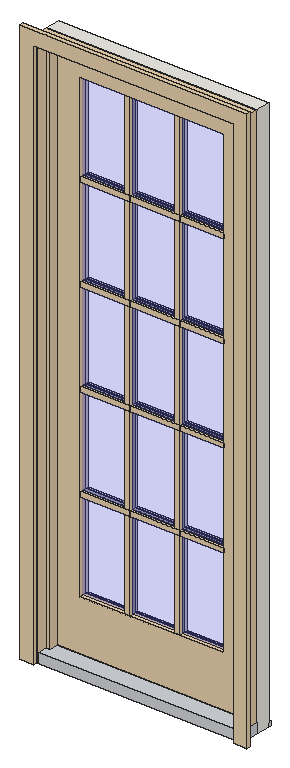
Revit family "Door-Outswing-Andersen-A_Series-Single 2", category Doors, host Wall, Revit 2013 (continued)
Dimensions and locks (in)
  aligned and locked: plane 56 "Sill Height" to Extrusion 13 sketch curve
  aligned and locked: Extrusion 13 sketch curve to plane 59 "Glass1 S2"
  aligned and locked: plane 50 "Panel1 S2" to Extrusion 14 sketch curve
  aligned and locked: plane 41 "L Panel" to curve 56
  aligned and locked: plane 41 "L Panel" to curve 53
  aligned and locked: plane 42 "R Panel" to curve 55
  aligned and locked: plane 42 "R Panel" to curve 173
  aligned and locked: curve 173 to plane 50 "Panel1 S2"
  aligned and locked: curve 174 to plane 50 "Panel1 S2"
  aligned and locked: plane 52 "Frame S1" to curve 179
  aligned and locked: curve 179 to plane 42 "R Panel"
  aligned and locked: plane 50 "Panel1 S2" to curve 178
  aligned and locked: plane 9 "Frame S2" to curve 175
  aligned and locked: curve 175 to plane 65 "R Int Frame"
  aligned and locked: curve 176 to plane 73 "Stop S1"
  aligned and locked: curve 177 to plane 54 "R Stop"
  aligned and locked: plane 9 "Frame S2" to curve 184
  aligned and locked: plane 66 "L Int Frame" to curve 184
  aligned and locked: curve 183 to plane 73 "Stop S1"
  aligned and locked: plane 53 "L Stop" to curve 182
  aligned and locked: plane 50 "Panel1 S2" to curve 181
  aligned and locked: plane 52 "Frame S1" to curve 180
  aligned and locked: plane 41 "L Panel" to curve 180
  aligned and locked: plane 65 "R Int Frame" to curve 54
  aligned and locked: plane 66 "L Int Frame" to curve 54
  aligned and locked: plane 56 "Sill Height" to Masking region 9 sketch curve
  aligned and locked: plane 54 "R Stop" to Masking region 9 sketch curve
  aligned and locked: Masking region 9 sketch curve to plane 53 "L Stop"
  aligned and locked: Masking region 9 sketch curve to plane 55 "T Stop"
  aligned and locked: plane 68 "T Int Frame" to curve 188
  aligned and locked: curve 189 to plane 65 "R Int Frame"
  aligned and locked: plane 66 "L Int Frame" to curve 190
  aligned and locked: level to curve 189
  aligned and locked: level to curve 190
  aligned and locked: plane 12 "Casing S1" to Extrusion 4
  aligned and locked: plane 41 "L Panel" to curve 195
  aligned and locked: plane 76 to curve 195
  aligned and locked: plane 44 "B Panel" to curve 196
  aligned and locked: plane 63 "R Xjamb S1" to curve 196
  aligned and locked: plane 42 "R Panel" to curve 195
  aligned and locked: plane 64 "T Xjamb S1" to curve 195
  aligned and locked: plane 49 "Panel1 S1" to curve 197
  aligned and locked: curve 197 to plane 62 "L Xjamb 1"
Automatic sketch dimensions
  curve 66 to curve 67 = 0' - 1.704"
  curve 67 to curve 77 = 0' - 1.2305"
  curve 76 to curve 76 = 0' - 0.08"
  curve 67 to curve 167 = 0' - 1.95109"
  curve 75 to curve 74 = 0' - 0.76609"
  curve 72 to curve 71 = 0' - 0.08875"
  curve 68 to curve 69 = 0' - 1.79991"
  curve 168 to curve 66 = 0' - 0 3/4"
  curve 77 to curve 76 = 0' - 0.4605"
  curve 74 to curve 77 = 0' - 0"
  curve 75 to curve 62 = 0' - 0.1245"
  curve 64 to curve 72 = 0' - 0.1255"
  curve 71 to curve 71 = 0' - 0.32416"
  curve 68 to curve 167 = 0' - 0.09433"
  curve 68 to curve 168 = 0' - 0.29893"
  curve 66 to curve 70 = 0' - 0.5465"
  curve 70 to curve 74 = 0' - 8 1/16"
  curve 73 to curve 73 = 0' - 0 3/4"
  curve 75 to curve 76 = 0' - 0 3/4"
  curve 69 to curve 68 = 0' - 0.74774"
  curve 65 to curve 66 = 0' - 1.141"
  curve 65 to curve 66 = 0' - 0 1/4"
  curve 74 to curve 77 = 0' - 0.35858"
  curve 62 to curve 72 = 0' - 0 1/8"
  curve 71 to curve 71 = 0' - 0.11008"
  curve 62 to curve 64 = 0' - 0 1/8"
  curve 75 to curve 63 = 0' - 0"
  curve 82 to curve 83 = 0' - 1.704"
  curve 83 to curve 93 = 0' - 1.2305"
  curve 92 to curve 92 = 0' - 0.08"
  curve 83 to curve 169 = 0' - 1.95109"
  curve 91 to curve 90 = 0' - 0.76609"
  curve 88 to curve 87 = 0' - 0.08875"
  curve 84 to curve 85 = 0' - 1.79991"
  curve 170 to curve 82 = 0' - 0 3/4"
  curve 93 to curve 92 = 0' - 0.4605"
  curve 90 to curve 93 = 0' - 0"
  curve 91 to curve 78 = 0' - 0.1245"
  curve 80 to curve 88 = 0' - 0.1255"
  curve 87 to curve 87 = 0' - 0.32416"
  curve 84 to curve 169 = 0' - 0.09433"
  curve 84 to curve 170 = 0' - 0.29893"
  curve 82 to curve 86 = 0' - 0.5465"
  curve 86 to curve 90 = 0' - 8 1/16"
  curve 89 to curve 89 = 0' - 0 3/4"
  curve 91 to curve 92 = 0' - 0 3/4"
  curve 85 to curve 84 = 0' - 0.74774"
  curve 81 to curve 82 = 0' - 1.141"
  curve 81 to curve 82 = 0' - 0 1/4"
  curve 90 to curve 93 = 0' - 0.35858"
  curve 78 to curve 88 = 0' - 0 1/8"
  curve 87 to curve 87 = 0' - 0.11008"
  curve 78 to curve 80 = 0' - 0 1/8"
  curve 91 to curve 79 = 0' - 0"
  Sweep 7 sketch curve to Sweep 7 sketch curve = 0' - 0.856"
  curve 145 to curve 147 = 0' - 0.08875"
  curve 146 to curve 151 = 0' - 0.76609"
  curve 149 to curve 149 = 0' - 0.08"
  curve 151 to curve 152 = 0' - 1.55742"
  curve 143 to curve 142 = 0' - 0.53458"
  curve 145 to curve 145 = 0' - 0.32416"
  curve 146 to curve 141 = 0' - 0 1/8"
  curve 171 to curve 143 = 0' - 2.19851"
  curve 140 to curve 151 = 0' - 0 1/8"
  curve 171 to curve 171 = 0' - 1.18109"
  curve 149 to curve 150 = 0' - 0.46"
  curve 171 to curve 143 = 0' - 0"
  curve 148 to curve 150 = 0' - 0"
  curve 142 to curve 142 = 0' - 1.672"
  curve 146 to curve 149 = 0' - 0"
  curve 146 to curve 148 = 0' - 0 3/4"
  curve 148 to curve 152 = 0' - 3.18"
  curve 143 to curve 152 = 0' - 0.361"
  curve 144 to curve 144 = 0' - 0.318"
  curve 146 to curve 141 = 0' - 0"
  curve 140 to curve 149 = 0' - 0"
  curve 145 to curve 145 = 0' - 0.11008"
  curve 141 to curve 139 = 0' - 0 1/8"
  curve 150 to curve 148 = 0' - 0.359"
  curve 143 to curve 171 = 0' - 0.273"
  curve 159 to curve 161 = 0' - 0.08875"
  curve 160 to curve 165 = 0' - 0.76609"
  curve 163 to curve 163 = 0' - 0.08"
  curve 165 to curve 166 = 0' - 1.55742"
  curve 157 to curve 156 = 0' - 0.53458"
  curve 159 to curve 159 = 0' - 0.32416"
  curve 160 to curve 155 = 0' - 0 1/8"
  curve 172 to curve 157 = 0' - 2.19851"
  curve 154 to curve 165 = 0' - 0 1/8"
  curve 172 to curve 172 = 0' - 1.18109"
  curve 163 to curve 164 = 0' - 0.46"
  curve 172 to curve 157 = 0' - 0"
  curve 162 to curve 164 = 0' - 0"
  curve 156 to curve 156 = 0' - 1.672"
  curve 160 to curve 163 = 0' - 0"
  curve 160 to curve 162 = 0' - 0 3/4"
  curve 162 to curve 166 = 0' - 3.18"
  curve 157 to curve 166 = 0' - 0.361"
  curve 158 to curve 158 = 0' - 0.318"
  curve 160 to curve 155 = 0' - 0"
  curve 154 to curve 163 = 0' - 0"
  curve 159 to curve 159 = 0' - 0.11008"
  curve 155 to curve 153 = 0' - 0 1/8"
  curve 164 to curve 162 = 0' - 0.359"
  curve 157 to curve 172 = 0' - 0.273"
  curve 101 to curve 103 = 0' - 0"
  curve 100 to curve 101 = 0' - 0.7655"
  curve 102 to curve 107 = 0' - 3.1645"
  curve 97 to curve 59 = 0' - 0.273"
  curve 97 to curve 108 = 0' - 0.361"
  curve 59 to curve 33 = 0' - 0.856"
  curve 32 to curve 31 = 0' - 0.082"
  curve 95 to curve 100 = 0' - 0"
  curve 94 to curve 103 = 0' - 0"
  curve 95 to curve 96 = 0' - 0 1/8"
  curve 99 to curve 99 = 0' - 0.12558"
  curve 104 to curve 102 = 0' - 0.359"
  curve 107 to curve 108 = 0' - 0.318"
  curve 185 to curve 33 = 0' - 0.184"
  curve 33 to curve 30 = 0' - 0.566"
  curve 30 to curve 30 = 0' - 1.55"
  curve 32 to curve 100 = 0' - 1.15281"
  curve 99 to curve 101 = 0' - 0.04311"
  curve 32 to curve 33 = 0' - 1.32091"
  curve 100 to curve 103 = 0' - 0.76609"
  curve 103 to curve 105 = 0' - 0.06176"
  curve 59 to curve 107 = 0' - 2.19851"
  curve 97 to curve 107 = 0' - 0.53458"
  curve 31 to curve 31 = 0' - 0.14849"
  curve 99 to curve 99 = 0' - 0.3698"
  curve 185 to curve 185 = 0' - 0.53791"
  curve 30 to curve 33 = 0' - 0.15741"
  curve 100 to curve 95 = 0' - 0 1/8"
  curve 96 to curve 103 = 0' - 0 1/8"
  curve 104 to curve 104 = 0' - 0.47824"
  curve 106 to curve 97 = 0' - 1.01742"
  curve 106 to curve 97 = 0' - 0"
  curve 102 to curve 104 = 0' - 0"
  curve 98 to curve 106 = 0' - 0"
  curve 108 to curve 98 = 0' - 1.672"
  curve 116 to curve 118 = 0' - 0"
  curve 115 to curve 116 = 0' - 0.7655"
  curve 117 to curve 122 = 0' - 3.1645"
  curve 112 to curve 60 = 0' - 0.273"
  curve 112 to curve 123 = 0' - 0.361"
  curve 60 to curve 37 = 0' - 0.856"
  curve 36 to curve 35 = 0' - 0.082"
  curve 110 to curve 115 = 0' - 0"
  curve 109 to curve 118 = 0' - 0"
  curve 110 to curve 111 = 0' - 0 1/8"
  curve 114 to curve 114 = 0' - 0.12558"
  curve 119 to curve 117 = 0' - 0.359"
  curve 122 to curve 123 = 0' - 0.318"
  curve 186 to curve 37 = 0' - 0.184"
  curve 37 to curve 34 = 0' - 0.566"
  curve 34 to curve 34 = 0' - 1.55"
  curve 115 to curve 36 = 0' - 1.15281"
  curve 116 to curve 114 = 0' - 0.04311"
  curve 37 to curve 36 = 0' - 1.32091"
  curve 118 to curve 115 = 0' - 0.76609"
  curve 120 to curve 118 = 0' - 0.06176"
  curve 122 to curve 60 = 0' - 2.19851"
  curve 122 to curve 112 = 0' - 0.53458"
  curve 35 to curve 35 = 0' - 0.14849"
  curve 114 to curve 114 = 0' - 0.3698"
  curve 186 to curve 186 = 0' - 0.53791"
  curve 37 to curve 34 = 0' - 0.15741"
  curve 110 to curve 115 = 0' - 0 1/8"
  curve 118 to curve 111 = 0' - 0 1/8"
  curve 119 to curve 119 = 0' - 0.47824"
  curve 112 to curve 121 = 0' - 1.01742"
  curve 121 to curve 112 = 0' - 0"
  curve 117 to curve 119 = 0' - 0"
  curve 113 to curve 121 = 0' - 0"
  curve 113 to curve 123 = 0' - 1.672"
  curve 131 to curve 133 = 0' - 0"
  curve 130 to curve 131 = 0' - 0.7655"
  curve 132 to curve 137 = 0' - 3.1645"
  curve 127 to curve 61 = 0' - 0.273"
  curve 127 to curve 138 = 0' - 0.361"
  curve 61 to curve 41 = 0' - 0.856"
  curve 40 to curve 39 = 0' - 0.082"
  curve 125 to curve 130 = 0' - 0"
  curve 124 to curve 133 = 0' - 0"
  curve 125 to curve 126 = 0' - 0 1/8"
  curve 129 to curve 129 = 0' - 0.12558"
  curve 134 to curve 132 = 0' - 0.359"
  curve 137 to curve 138 = 0' - 0.318"
  curve 187 to curve 41 = 0' - 0.184"
  curve 41 to curve 38 = 0' - 0.566"
  curve 38 to curve 38 = 0' - 1.55"
  curve 130 to curve 40 = 0' - 1.15281"
  curve 131 to curve 129 = 0' - 0.04311"
  curve 41 to curve 40 = 0' - 1.32091"
  curve 133 to curve 130 = 0' - 0.76609"
  curve 135 to curve 133 = 0' - 0.06176"
  curve 137 to curve 61 = 0' - 2.19851"
  curve 137 to curve 127 = 0' - 0.53458"
  curve 39 to curve 39 = 0' - 0.14849"
  curve 129 to curve 129 = 0' - 0.3698"
  curve 187 to curve 187 = 0' - 0.53791"
  curve 41 to curve 38 = 0' - 0.15741"
  curve 125 to curve 130 = 0' - 0 1/8"
  curve 133 to curve 126 = 0' - 0 1/8"
  curve 134 to curve 134 = 0' - 0.47824"
  curve 127 to curve 136 = 0' - 1.01742"
  curve 136 to curve 127 = 0' - 0"
  curve 132 to curve 134 = 0' - 0"
  curve 128 to curve 136 = 0' - 0"
  curve 128 to curve 138 = 0' - 1.672"
  curve 23 to curve 22 = 0' - 1.32091"
  curve 191 to curve 23 = 0' - 2.73309"
  curve 191 to curve 192 = 0' - 1.552"
  curve 23 to curve 20 = 0' - 0.15741"
  curve 21 to curve 21 = 0' - 0.14849"
  curve 22 to curve 22 = 0' - 0.082"
  curve 24 to curve 23 = 0' - 0.856"
  curve 192 to curve 24 = 0' - 0.273"
  curve 192 to curve 192 = 0' - 0.679"
  curve 23 to curve 20 = 0' - 0.566"
  curve 20 to curve 20 = 0' - 1 5/8"
  curve 28 to curve 27 = 0' - 1.32091"
  curve 193 to curve 28 = 0' - 2.73309"
  curve 193 to curve 194 = 0' - 1.552"
  curve 28 to curve 25 = 0' - 0.15741"
  curve 26 to curve 26 = 0' - 0.14849"
  curve 27 to curve 27 = 0' - 0.082"
  curve 29 to curve 28 = 0' - 0.856"
  curve 194 to curve 29 = 0' - 0.273"
  curve 194 to curve 194 = 0' - 0.679"
  curve 28 to curve 25 = 0' - 0.566"
  curve 25 to curve 25 = 0' - 1 5/8"
  curve 4 to plane 52 "Frame S1" = 0' - 0"
  curve 3 to plane 52 "Frame S1" = 0' - 0"
  curve 57 to plane 69 "B Ext Frame" = 0' - 0.06588"
  plane 26 "T Rough Opening" to curve 5 = 0' - 0.15975"
  Masking region 1 sketch curve to plane 52 "Frame S1" = 0' - 0"
  Masking region 2 sketch curve to plane 52 "Frame S1" = 0' - 0"
  Masking region 3 sketch curve to plane 52 "Frame S1" = 0' - 0"
  Masking region 4 sketch curve to plane 52 "Frame S1" = 0' - 0"
  curve 173 to plane 72 "R Ext Frame 2" = 0' - 0"
Nested families (in)
  nested 1: "Andersen Grille Bar" at (0, 0.53009, 50.4375) x (-1, 0, 0) z (0, 1, 0), Bar Width <- "Grille Bar Size", Bar Length <- "TS V Bar Length", visible <- "TS S V", type "Andersen Grille Bar"
    with Glass / 2 0' - 0 7/32", Glass 0' - 0 13/16", Center Line Length 6' - 7 7/8", Center Line 2, Bar Width 0' - 0 7/8", Bar Length 6' - 7 7/8"
  nested 2: "Andersen Grille Bar" at (4.27083, 0.53009, 50.4375) x (-1, 0, 0) z (0, 1, 0), Bar Width <- "Grille Bar Size", Bar Length <- "TS V Bar Length", visible <- "TS M V", type "Andersen Grille Bar"
    with Glass / 2 0' - 0 7/32", Glass 0' - 0 13/16", Center Line Length 6' - 7 7/8", Center Line 2, Bar Width 0' - 0 7/8", Bar Length 6' - 7 7/8"
  nested 3: "Andersen Grille Bar" at (0, 0.53009, 50.4375) x (0, 0, 1) z (0, 1, 0), Bar Width <- "Grille Bar Size", visible <- "TS S H Craftsman", Bar Length <- "H DLO", type "Andersen Grille Bar"
    with Glass / 2 0' - 0 1/8", Glass 0' - 0 5/8", Center Line Length 2' - 0 3/4", Center Line 2, Bar Width 0' - 0 7/8", Bar Length 2' - 0 3/4"
  nested 4: "Andersen Grille Bar" at (0, 0.53009, 50.4375) x (0, 0, 1) z (0, 1, 0), Bar Width <- "Grille Bar Size", visible <- "TS S H", Bar Length <- "H DLO", type "Andersen Grille Bar"
    with Glass / 2 0' - 0 7/32", Glass 0' - 0 13/16", Center Line Length 2' - 0 3/4", Center Line 2, Bar Width 0' - 0 7/8", Bar Length 2' - 0 3/4"
  nested 5: "Andersen Grille Bar" at (0, 0.53009, 74.6625) x (0, 0, 1) z (0, 1, 0), Bar Width <- "Grille Bar Size", visible <- "TS M H", Bar Length <- "H DLO", type "Andersen Grille Bar"
    with Glass / 2 0' - 0 7/32", Glass 0' - 0 13/16", Center Line Length 2' - 0 3/4", Center Line 2, Bar Width 0' - 0 7/8", Bar Length 2' - 0 3/4"
  nested 6: "Andersen Grille Bar" at (0, 0.53009, 26.2125) x (0, 0, 1) z (0, 1, 0), Bar Width <- "Grille Bar Size", visible <- "TS M H", Bar Length <- "H DLO", type "Andersen Grille Bar"
    with Glass / 2 0' - 0 7/32", Glass 0' - 0 13/16", Center Line Length 2' - 0 3/4", Center Line 2, Bar Width 0' - 0 7/8", Bar Length 2' - 0 3/4"
  nested 7: "Andersen Grille Bar" at (-4.27083, 0.53009, 50.4375) x (-1, 0, 0) z (0, 1, 0), Bar Width <- "Grille Bar Size", Bar Length <- "TS V Bar Length", visible <- "TS M V", type "Andersen Grille Bar"
    with Glass / 2 0' - 0 7/32", Glass 0' - 0 13/16", Center Line Length 6' - 7 7/8", Center Line 2, Bar Width 0' - 0 7/8", Bar Length 6' - 7 7/8"
  nested 8: "Andersen Grille Bar" at (0, 0.53009, 58.5125) x (0, 0, 1) z (0, 1, 0), Bar Width <- "Grille Bar Size", visible <- "TS M H", Bar Length <- "H DLO", type "Andersen Grille Bar"
    with Glass / 2 0' - 0 7/32", Glass 0' - 0 13/16", Center Line Length 2' - 0 3/4", Center Line 2, Bar Width 0' - 0 7/8", Bar Length 2' - 0 3/4"
  nested 9: "Andersen Grille Bar" at (0, 0.53009, 42.3625) x (0, 0, 1) z (0, 1, 0), Bar Width <- "Grille Bar Size", visible <- "TS M H", Bar Length <- "H DLO", type "Andersen Grille Bar"
    with Glass / 2 0' - 0 7/32", Glass 0' - 0 13/16", Center Line Length 2' - 0 3/4", Center Line 2, Bar Width 0' - 0 7/8", Bar Length 2' - 0 3/4"
Definition of nested family "Andersen Grille Bar"
  Parameters (values of type "Andersen Grille Bar")
    Interior Bar Visibility = yes
    Interior Bar Material = none
    Glass / 2 [instance] = (Glass / 2) - 0' 0 3/16"  # 0' - 0 1/8"
    Glass [instance] = 0' - 0 5/8"
    Exterior Bar Visibility = yes
    Exterior Bar Finish = none
    Default Elevation = 4' - 0"
    Center Line Length [instance] = if(Center Line = 1, Bar Length + (Bar Width / 2), Bar Length)  # 0' - 4 7/16"
    Center Line [instance] = 1
    Between Glass Bar Visibility = yes
    Between Glass Bar Finish = none
    Bar Width [instance] = 0' - 0 7/8"
    Bar Length [instance] = 0' - 4"
  Reference planes (in)
    plane 1 "Center (Front/Back)": y = 0
    plane 2 "a": z = 0
    plane 3 "Center (Left/Right)": x = 0
    plane 4 "1": x = -0.4375
    plane 5 "2": x = 0.4375
    plane 6: y = 2
    plane 7: y = -2
    plane 8 "b": z = -0.625
    plane 9: z = -0.125
    plane 10: y = -2.4375
    plane 11 "a1": z = 12
    plane 12 "a2": z = -12
  Forms (in)
    Extrusion 1, solid
      sketch origin (0, 0, 0) x (1, 0, 0) y (0, 1, 0)
        loop
          line (-48, 48) -> (-48, -48) -> (48, -48) -> (48, 48) -> (-48, 48)
      from 0 to -12
    Extrusion 2, solid, material <- "Exterior Bar Finish", visible <- "Exterior Bar Visibility", detail levels fine
      sketch origin (0, 0, 0) x (1, 0, 0) y (0, 1, 0)
        loop
          line (-0.4375, 2) -> (-0.4375, -2) -> (0.4375, -2) -> (0.4375, 2) -> (-0.4375, 2)
      from 0 to 0.375
    Extrusion 3, solid, material <- "Between Glass Bar Finish", visible <- "Between Glass Bar Visibility", detail levels fine
      sketch origin (0, 0, 0) x (1, 0, 0) y (0, 1, 0)
        loop
          line (-0.4375, 2) -> (-0.4375, -2) -> (0.4375, -2) -> (0.4375, 2) -> (-0.4375, 2)
      from -0.5 to -0.125
    Extrusion 4, solid, material <- "Interior Bar Material", visible <- "Interior Bar Visibility", detail levels fine
      sketch origin (0, 0, 0) x (1, 0, 0) y (0, 1, 0)
        loop
          line (-0.4375, 2) -> (-0.4375, -2) -> (0.4375, -2) -> (0.4375, 2) -> (-0.4375, 2)
      from -1 to -0.625
  Lines and regions (in)
    model lines, style "GenericModel", detail levels coarse+medium
      curve 1: line (0, 2, 0) -> (0, -2.4375, 0)
    symbolic lines, style "GenericModel", detail levels coarse+medium
      curve 2: line (0, 2, 12) -> (0, -2.4375, 12)
      curve 3: line (0, 2, -12) -> (0, -2.4375, -12)
    model lines, style "InvisibleLines", not visible, detail levels coarse
      curve 4: line (0, 0, 12) -> (0, 0, -12)
    symbolic lines, detail levels fine
      curve 5: line (-0.4375, 2, 0) -> (-0.4375, -2, 0)
      curve 6: line (0.4375, 2, 0) -> (0.4375, -2, 0)
  Dimensions and locks (in)
    "Glass": plane 2 "a" to plane 8 "b"
    "Glass / 2": plane 2 "a" to plane 9
    locked: Extrusion 2 to Extrusion 2 at 0.375
    locked: plane 9 to Extrusion 3 at 0.375
    locked: plane 8 "b" to Extrusion 4 at 0.375
    equal spacing: plane 4 "1", plane 3 "Center (Left/Right)", plane 5 "2"
    equal spacing: plane 6, plane 1 "Center (Front/Back)", plane 7
    "Bar Width": plane 4 "1" to plane 5 "2"
    "Bar Length": plane 6 to plane 7
    "Center Line Length": plane 6 to plane 10
    locked: plane 11 "a1" to plane 2 "a" at 12
    locked: plane 2 "a" to plane 12 "a2" at 12
    aligned and locked: plane 2 "a" to Extrusion 1
    aligned and locked: level to Extrusion 1
    aligned and locked: Extrusion 2 to plane 2 "a"
    aligned and locked: Extrusion 2 to plane 4 "1"
    aligned and locked: plane 5 "2" to Extrusion 2
    aligned and locked: plane 6 to Extrusion 2
    aligned and locked: Extrusion 2 to plane 7
    aligned and locked: plane 9 to Extrusion 3
    aligned and locked: Extrusion 3 to plane 4 "1"
    aligned and locked: plane 5 "2" to Extrusion 3
    aligned and locked: plane 6 to Extrusion 3
    aligned and locked: Extrusion 3 to plane 7
    aligned and locked: plane 8 "b" to Extrusion 4
    aligned and locked: Extrusion 4 to plane 4 "1"
    aligned and locked: plane 5 "2" to Extrusion 4
    aligned and locked: plane 6 to Extrusion 4
    aligned and locked: Extrusion 4 to plane 7
    aligned and locked: plane 6 to curve 1
    aligned and locked: plane 10 to curve 1
    aligned and locked: curve 1 to plane 3 "Center (Left/Right)"
    aligned and locked: plane 6 to curve 2
    aligned and locked: plane 10 to curve 2
    aligned and locked: curve 2 to plane 3 "Center (Left/Right)"
    aligned and locked: plane 6 to curve 3
    aligned and locked: plane 10 to curve 3
    aligned and locked: curve 3 to plane 3 "Center (Left/Right)"
    aligned and locked: plane 11 "a1" to curve 4
    aligned and locked: plane 12 "a2" to curve 4
    aligned and locked: curve 4 to plane 1 "Center (Front/Back)"
    aligned and locked: plane 6 to curve 5
    aligned and locked: plane 6 to curve 6
    aligned and locked: plane 7 to curve 6
    aligned and locked: plane 7 to curve 5
    aligned and locked: curve 5 to plane 4 "1"
    aligned and locked: curve 6 to plane 5 "2"
  Automatic sketch dimensions
    Extrusion 1 sketch curve to Extrusion 1 sketch curve = 8' - 0"  (x2)
    plane 7 to Extrusion 2 sketch curve = 0' - 0"
    Extrusion 2 sketch curve to plane 5 "2" = 0' - 0 7/8"
    Extrusion 2 sketch curve to plane 6 = 0' - 0"
    Extrusion 2 sketch curve to Extrusion 2 sketch curve = 0' - 0 7/8"
    plane 7 to Extrusion 3 sketch curve = 0' - 0"
    Extrusion 3 sketch curve to plane 5 "2" = 0' - 0 7/8"
    Extrusion 3 sketch curve to plane 6 = 0' - 0"
    Extrusion 3 sketch curve to Extrusion 3 sketch curve = 0' - 0 7/8"
    Extrusion 4 sketch curve to plane 7 = 0' - 0"
    Extrusion 4 sketch curve to plane 5 "2" = 0' - 0 7/8"
    Extrusion 4 sketch curve to plane 6 = 0' - 0"
    Extrusion 4 sketch curve to Extrusion 4 sketch curve = 0' - 0 7/8"
